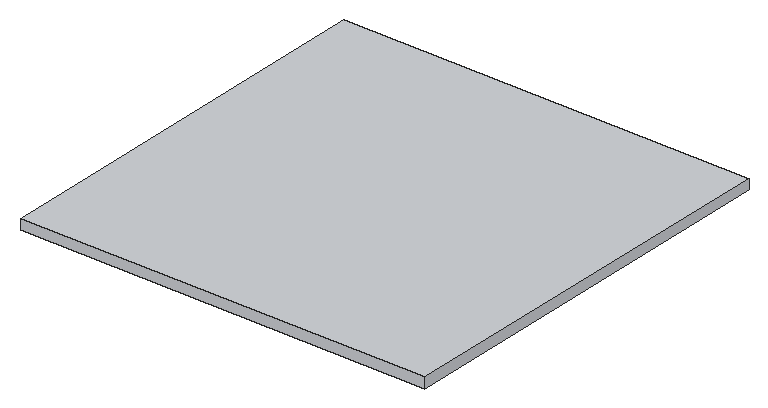
Revit family "79211", category Aparatos sanitarios, Revit 2017
Family settings
  Anfitrión = Cara
  Cota de conector redondo = Diámetro de uso
  Tipo de pieza = Normal
  Número OmniClass = 23.45.55.14
  Título OmniClass = Single Faucets
  Corte con vacíos al cargar = No
  Compartido = No
  Punto de cálculo de habitación = No
Parameters
  URL = "http://www.griferiasgalindo.com"
  Teléfono = "(+34) 915 782 575"
  TIPO DE AGUA = "Fria"
  REFERENCIA = "79211"
  Presión Máxima = "Max. 8 bar"
  PESO BRUTO = "1,500 Kg"
  Modelo = "PRESTO DOMO SENSIA - P con Alimentador 12V 2 Cromo"
  Material = LATON CROMADO
  Imagen de tipo = <Ninguno>
  Fabricante = "PRESTO IBÉRICA"
  Default Elevation = 1219.2 mm
  ENTRADA = "Macho 1/2\""
  Descripción = "Grifo eléctronico para lavabo de un agua para instalación mural."
  Código de montaje = "C1030220"
  Contacto = "info@prestoiberica.com"
  Conexión AF = yes
  Conexión AC = no
  Comentarios de tipo = "Ahorro de agua y energia. Componentes integrados. Conexiones internas estancas. Suministrador con caja para empotrar. Cierre automático de electroválvula en caso de fallo de alimentación eléctrica. Aireador \"Flowing Ecosystems\". Aclarado automático c/24h. Pack de pila CR-P2 estanco. Temperatura máxima 70ºC"
  CIERRE = "Automático en 120 seg."
  CAUDAL = "6 l/min."
  Accionamiento = "Manual"
Reference planes
  plane 1 "Centro (Frontal/Posterior)": y = 0
  plane 2: z = 0
  plane 3 "Centro (Izquierda/Derecha)": x = 0
Forms (mm)
  Extrusion 1, solid
    sketch origin (0, 0, 0) x (1, 0, 0) y (0, 1, 0)
      loop
        line (-100, 100) -> (-100, -100) -> (100, -100) -> (100, 100) -> (-100, 100)
    from 0 to -5
Dimensions and locks
  Extrusion 1 sketch curve to plane 1 "Centro (Frontal/Posterior)" = 100 mm
  aligned and locked: plane 2 to Extrusion 1
  aligned and locked: level to Extrusion 1
Connectors
  piping at (0, -43.5, -62.5), diameter 12.7
    settings: on import instance, index 1, connector inside diameter 609.6 mm, connector length 0 mm, flow factor 0, pipe flow 0.0 L/s, pressure drop 0.0 Pa, fitting loss kfactor 0, connector angle 0.00°, fixture units 0, engagement length 0 mm, angle of deflection 0.00°, flow configuration 0, flow direction 1, fitting loss method 0, system type 20, joint type 0, gender type 0, connector reference index -1, connector utility 0, adjustable connector no, is connector primary yes, connector description ""
